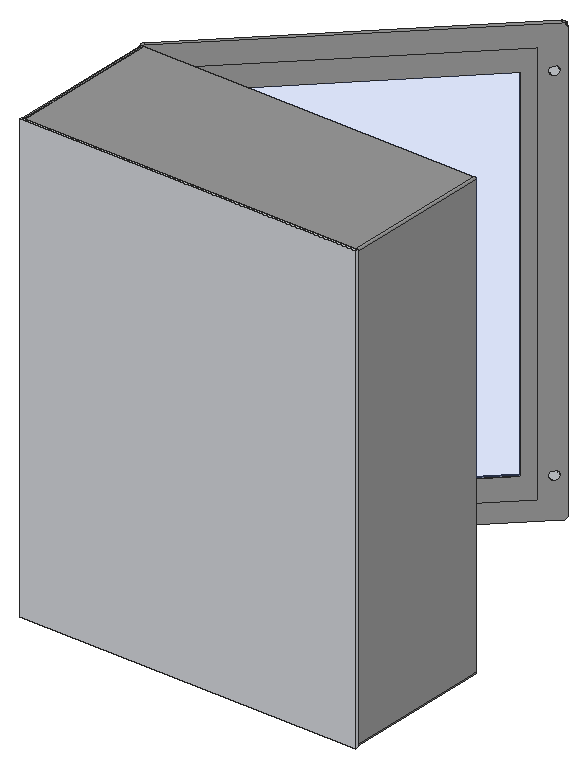
Revit family "Building-ContenitoriParete-GEWISS-46QP-QUADRI-POLIESTERE_PORTA_OBLO_IP66", category Attrezzatura elettrica, host Muro, Revit 2016 (continued)
Definition of nested family "DETTAGLIO QUADRI IN POLIESTERE OBLO"
  Lines and regions (mm)
    detail lines, in view "Livello rif.", visible <- "GW46205", not visible
      curve 556: line (-1775.217, -630.442, 0) -> (-1738.836, -590.661, 0)
      curve 557: line (-1797.989, -626.4, 0) -> (-1738.613, -561.474, 0)
      curve 558: line (-1554.992, -983.294, 0) -> (-1495.616, -918.368, 0)
      curve 559: line (-1536.424, -1020.429, 0) -> (-1483.431, -962.482, 0)
      curve 560: line (-1532.219, -987.336, 0) -> (-1495.838, -947.554, 0)
      curve 561: line (-1451.373, -568.433, 0) -> (-1451.373, -1003.335, 0)
      curve 562: line (-1488.922, -1040.884, 0) -> (-1793.824, -1040.884, 0)
      curve 563: line (-1831.373, -1003.335, 0) -> (-1831.373, -568.433, 0)
      curve 564: line (-1793.824, -530.884, 0) -> (-1488.922, -530.884, 0)
      curve 569: arc (-1488.922, -1040.884, 0) -> (-1462.371, -1029.886, 0) -> (-1451.373, -1003.335, 0) r 37.549
      curve 570: arc (-1831.373, -1003.335, 0) -> (-1820.375, -1029.886, 0) -> (-1793.824, -1040.884, 0) r 37.549
      curve 571: arc (-1831.373, -568.433, 0) -> (-1820.375, -541.882, 0) -> (-1793.824, -530.884, 0) r 37.549
      curve 572: arc (-1488.922, -530.884, 0) -> (-1462.371, -541.882, 0) -> (-1451.373, -568.433, 0) r 37.549
      curve 573: line (-1637.873, -1167.016, 0) -> (-1637.873, -423.67, 0)
      curve 574: line (-1350.536, -788.67, 0) -> (-1929.292, -788.67, 0)
    detail lines, in view "Livello rif.", visible <- "GW46205", not visible, detail levels medium+fine
      curve 565: circle (-1411.344, -587.966, 0) r 15.964 normal (0, 0, 1)
      curve 566: circle (-1411.344, -587.966, 0) r 7.802 normal (0, 0, 1)
      curve 567: circle (-1411.344, -1028.406, 0) r 15.964 normal (0, 0, 1)
      curve 568: circle (-1411.344, -1028.406, 0) r 7.802 normal (0, 0, 1)
Definition of nested family "QUADRILAN"
  Parameters (values of type "QUADRILAN")
    SIMBOLO ACCESO [instance] = yes
    Distanza dal muro [instance] = 4.208 mm
    BORDO ACCESO [instance] = yes
  Reference planes
    plane 1: y = 0
    plane 2: x = 0
  Dimensions and locks
    "Distanza dal muro": plane 1 to nested 1
    aligned and locked: plane 2 to nested 1
  Nested families
    nested 1: "QUADRILAN_BASE" at (0, 4.208, 0), BORDO ACCESO <- "BORDO ACCESO", SIMBOLO ACCESO <- "SIMBOLO ACCESO", type "QUADRILAN"
      with SIMBOLO ACCESO yes, BORDO ACCESO yes
  Definition of nested family "QUADRILAN_BASE"
    Parameters (values of type "QUADRILAN")
      SIMBOLO ACCESO [instance] = yes
      Distanza dal muro = 4.208 mm
      BORDO ACCESO [instance] = yes
    Reference planes
      plane 1: y = 0
      plane 2: x = 0
    Lines and regions (mm)
      detail lines, visible <- "BORDO ACCESO"
        curve 1: line (-2, 2.5, 0) -> (2, 2.5, 0)
        curve 2: line (2, 2.5, 0) -> (2, 0, 0)
        curve 3: line (2, 0, 0) -> (-2, 0, 0)
        curve 4: line (-2, 0, 0) -> (-2, 2.5, 0)
        curve 5: line (-1.9, 2.4, 0) -> (1.9, 2.4, 0)
        curve 6: line (1.9, 2.4, 0) -> (1.9, 0.1, 0)
        curve 7: line (1.9, 0.1, 0) -> (-1.9, 0.1, 0)
        curve 8: line (-1.9, 0.1, 0) -> (-1.9, 2.4, 0)
      detail lines, visible <- "BORDO ACCESO", not visible
        curve 9: line (-2.443, 10.208, 0) -> (2.057, 10.208, 0)
        curve 10: line (2.057, 10.208, 0) -> (2.057, 4.208, 0)
        curve 11: line (2.057, 4.208, 0) -> (-2.443, 4.208, 0)
        curve 12: line (-2.443, 4.208, 0) -> (-2.443, 10.208, 0)
        curve 13: line (-2.043, 9.808, 0) -> (1.657, 9.808, 0)
        curve 14: line (1.657, 9.808, 0) -> (1.657, 4.608, 0)
        curve 15: line (1.657, 4.608, 0) -> (-2.043, 4.608, 0)
        curve 16: line (-2.043, 4.608, 0) -> (-2.043, 9.808, 0)
      detail lines, visible <- "SIMBOLO ACCESO"
        curve 17: line (1.731, 0.358, 0) -> (-1.731, 2.088, 0)
        curve 18: line (-1.731, 2.088, 0) -> (-0.201, 2.088, 0)
        curve 19: line (-0.201, 2.088, 0) -> (1.731, 2.088, 0)
        curve 20: line (1.731, 2.088, 0) -> (1.731, 0.358, 0)
        curve 21: line (1.731, 0.358, 0) -> (-1.731, 0.358, 0)
        curve 22: line (-1.731, 0.358, 0) -> (-1.731, 2.088, 0)
    Dimensions and locks
      aligned and locked: curve 3 to plane 1
Definition of nested family "NOME QUADRO"
  Parameters (values of type "NOME QUADRO")
    TXT [instance] = ""
  Reference planes
    plane 1: y = 0
    plane 2: x = 0
  Text (mm)
    label "NOME QUADRO" at (0.217, 0.029, 0), shows "TXT"
Types (7, lengths in mm): name | Spessore quadro | Scheda Tecnica | Potenza dissipabile B (W) | Potenza dissipabile A (W) | Potenza dissipabile (W) | N. serrature | N. mod. EN 50022: | N. mod. EN 50022 | Modello | Larghezza quadro | IDT | H_quadro | H_da terra | GEWISS SCHEDA TECNICA | Dim. nominali BxHxP (mm) | Dim. funzionali BxHxP (mm) | Dettaglio | Descrizione | Codice EAN
  GW46201F - QUADRO QP POLIEST.TRASP 250X300X160 IP66 | 160 | "https://www.gewiss.com/it/it/search?q=GW46201F" | "-" | "34" | "" | "1" | "" | "" | "GW46201F" | 250 | "96d41066-dc0b-41a3-9367-37be5e484ba9" | 300 | 90 | "http://pro.gewiss.com/irj/portal/?NavigationTarget=pcd:portal_content/com.gewiss.ZPPFDMain/com.gewiss.ZPPFDITMain/com.gewiss.ZPPFDITMainDefault/com.gewiss.ZPPFDITPages/com.gewiss.ZPPFDITPagesAP/com.gewiss.ZPPFDITPagesAPCatalogo/com.gewiss.ZPPPDITAPProductDetail&codProd=GW46201" | "250x300x160" | "253x303x160" | DETTAGLIO QUADRI IN POLIESTERE OBLO : GW46201 | "QUADRO QP POLIEST.TRASP 250X300X160 IP66" | "8011564854789"
  GW46202F - QUADRO QP POLIEST.TRASP 310X425X160 IP66 | 160 | "https://www.gewiss.com/it/it/search?q=GW46202F" | "39" | "48" | "39" | "2" | "36 (12x3)" | "36 (12x3)" | "GW46202F" | 310 | "c18cbca1-f5aa-469c-8ab7-cb599a6e27dc" | 425 | 90 | "http://pro.gewiss.com/irj/portal/?NavigationTarget=pcd:portal_content/com.gewiss.ZPPFDMain/com.gewiss.ZPPFDITMain/com.gewiss.ZPPFDITMainDefault/com.gewiss.ZPPFDITPages/com.gewiss.ZPPFDITPagesAP/com.gewiss.ZPPFDITPagesAPCatalogo/com.gewiss.ZPPPDITAPProductDetail&codProd=GW46202" | "310x425x160" | "316x427x160" | DETTAGLIO QUADRI IN POLIESTERE OBLO : GW46202 | "QUADRO QP POLIEST.TRASP 310X425X160 IP66" | "8011564854796"
  GW46203F - QUADRO QP POLIEST.TRASP 405X500X200 IP66 | 200 | "https://www.gewiss.com/it/it/search?q=GW46203F" | "53" | "95" | "53" | "2" | "54 (18x3)" | "54 (18x3)" | "GW46203F" | 405 | "90b2b66a-8c27-4008-9de9-bdcb4836ccbd" | 500 | 90 | "http://pro.gewiss.com/irj/portal/?NavigationTarget=pcd:portal_content/com.gewiss.ZPPFDMain/com.gewiss.ZPPFDITMain/com.gewiss.ZPPFDITMainDefault/com.gewiss.ZPPFDITPages/com.gewiss.ZPPFDITPagesAP/com.gewiss.ZPPFDITPagesAPCatalogo/com.gewiss.ZPPPDITAPProductDetail&codProd=GW46203" | "405x500x200" | "409,5x502,5x200" | DETTAGLIO QUADRI IN POLIESTERE OBLO : GW46203 | "QUADRO QP POLIEST.TRASP 405X500X200 IP66" | "8011564854802"
  GW46204F - QUADRO QP POLIEST.TRASP 405X650X200 IP66 | 200 | "https://www.gewiss.com/it/it/search?q=GW46204F" | "81" | "118" | "81" | "2" | "72 (18x4)" | "72 (18x4)" | "GW46204F" | 405 | "26c1499e-4e98-4940-82c5-cfd324a7424d" | 650 | 90 | "http://pro.gewiss.com/irj/portal/?NavigationTarget=pcd:portal_content/com.gewiss.ZPPFDMain/com.gewiss.ZPPFDITMain/com.gewiss.ZPPFDITMainDefault/com.gewiss.ZPPFDITPages/com.gewiss.ZPPFDITPagesAP/com.gewiss.ZPPFDITPagesAPCatalogo/com.gewiss.ZPPPDITAPProductDetail&codProd=GW46204" | "405x650x200" | "409,5x652,5x200" | DETTAGLIO QUADRI IN POLIESTERE OBLO : GW46204 | "QUADRO QP POLIEST.TRASP 405X650X200 IP66" | "8011564854819"
  GW46205F - QUADRO QP POLIEST.TRASP 515X650X250 IP66 | 250 | "https://www.gewiss.com/it/it/search?q=GW46205F" | "106" | "126" | "106" | "2" | "96 (24x4)" | "96 (24x4)" | "GW46205F" | 515 | "4f1d06d6-085e-48a0-a744-a5c4eb0b07ac" | 650 | 90 | "http://pro.gewiss.com/irj/portal/?NavigationTarget=pcd:portal_content/com.gewiss.ZPPFDMain/com.gewiss.ZPPFDITMain/com.gewiss.ZPPFDITMainDefault/com.gewiss.ZPPFDITPages/com.gewiss.ZPPFDITPagesAP/com.gewiss.ZPPFDITPagesAPCatalogo/com.gewiss.ZPPPDITAPProductDetail&codProd=GW46205" | "515x650x250" | "518,5x653,5x250" | DETTAGLIO QUADRI IN POLIESTERE OBLO : GW46205 | "QUADRO QP POLIEST.TRASP 515X650X250 IP66" | "8011564854826"
  GW46206F - QUADRO QP POLIEST.TRASP 585X800X300 IP66 | 300 | "https://www.gewiss.com/it/it/search?q=GW46206F" | "146" | "205" | "146" | "2" | "140 (28x5)" | "140 (28x5)" | "GW46206F" | 585 | "23e00a31-06d0-441f-ab9e-6f9ff6e037d1" | 800 | 500 | "http://pro.gewiss.com/irj/portal/?NavigationTarget=pcd:portal_content/com.gewiss.ZPPFDMain/com.gewiss.ZPPFDITMain/com.gewiss.ZPPFDITMainDefault/com.gewiss.ZPPFDITPages/com.gewiss.ZPPFDITPagesAP/com.gewiss.ZPPFDITPagesAPCatalogo/com.gewiss.ZPPPDITAPProductDetail&codProd=GW46206" | "585x800x300" | "591x804x300" | DETTAGLIO QUADRI IN POLIESTERE OBLO : GW46206 | "QUADRO QP POLIEST.TRASP 585X800X300 IP66" | "8011564854833"
  GW46207F - QUADRO QP POLIEST.TRASP 800X1060X350 IP66 | 350 | "https://www.gewiss.com/it/it/search?q=GW46207F" | "226" | "324" | "226" | "2" | "180 (36x5)" | "180 (36x5)" | "GW46207F" | 800 | "7e35b214-ea7b-432e-a143-ac9dd760c749" | 1060 | 500 | "http://pro.gewiss.com/irj/portal/?NavigationTarget=pcd:portal_content/com.gewiss.ZPPFDMain/com.gewiss.ZPPFDITMain/com.gewiss.ZPPFDITMainDefault/com.gewiss.ZPPFDITPages/com.gewiss.ZPPFDITPagesAP/com.gewiss.ZPPFDITPagesAPCatalogo/com.gewiss.ZPPPDITAPProductDetail&codProd=GW46207" | "800x1060x350" | "783x1066x350" | DETTAGLIO QUADRI IN POLIESTERE OBLO : GW46207 | "QUADRO QP POLIEST.TRASP 800X1060X350 IP66" | "8011564854840"
